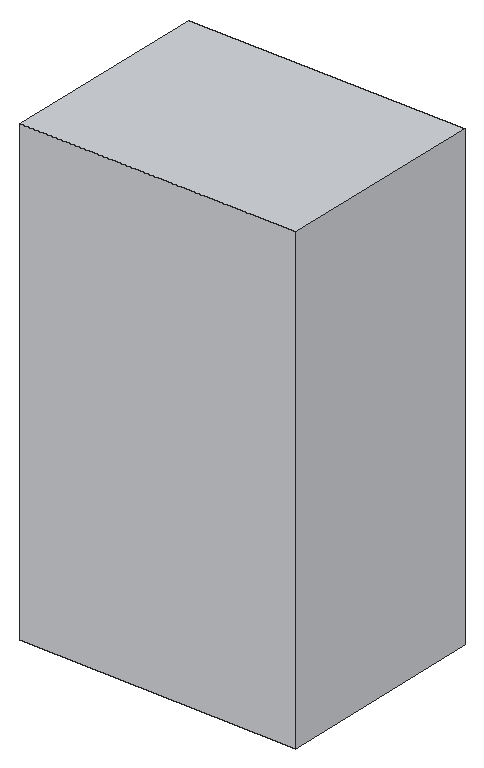
Revit family
Parameters
  Warranty Duration (Years) = 0
  Unit Width [instance] = 1' - 8 177/256"
  Unit Height [instance] = 0' - 9 99/256"
  Unit Depth = 0' - 0"
  URL = "http://www.americanspecialties.com/viewCategories.cfm"
  Trim Material = Metal - Stainless Steel
  Test Data = ""
  Specification = "http://www.arcat.com/sdspecs/htm/10810asi.htm"
  SpecWizard = ""
  Send Message = "http://www.arcat.com/users.pl?action=UserEmail&company=American%20Specialties,%20Inc.&coid=30448&rep=139&fax=914-476-0688&mf="
  Sales Information = "http://www.americanspecialties.com/contact"
  Revision = "R1_10-2010"
  Product Properties = "http://www.americanspecialties.com/datasheets/1211.pdf"
  Product Data = "http://www.arcat.com/arcatcos/cos30/arc30448.html"
  Model = "As Specified in 10 28 13"
  Manufacturer Website = "http://www.americanspecialties.com/viewCategories.cfm"
  Manufacturer Phone - Toll Free = ""
  Manufacturer Phone = "914-476-9000 "
  Manufacturer Fax = "914-476-0688"
  Manufacturer Address = "441 Saw Mill River Rd., Yonkers, NY 10701"
  Manufacturer = "American Specialties, Inc."
  Maintenance Schedule (Months) = 0
  Keynote = "10 28 13"
  Installation-Fabrication = "http://www.americanspecialties.com/products.cfm"
  Green Building-LEED = ""
  Expected Lifespan (Years) = 0
  Drawn By = "Robert S. Weygant. CSI, CDT, SCIP"  # constant formula
  Description = "Toilet Accessory as Specified in 10 28 13"
  Default Elevation = 4' - 0"
  Copyright = "©Arcat Inc."
  Construction Details = "http://www.arcat.com/green/clients/leed_data_30448.html"
  Building Codes = "http://www.americanspecialties.com/products.cfm"
  Bolt Length = 0' - 3"
  Body Material = Metal - Stainless Steel
  Assembly Code = "C1030210"
Reference planes (in)
  plane 1 "Center (Front/Back)": y = -0.29112
  plane 2 "Floor Line": z = 0
  plane 3 "Center (Left/Right)": x = -0.65843
Forms (in)
  Extrusion 1, solid
    sketch origin (-3, -9, -6) x (0, 0, -1) y (1, 0, 0)
      loop
        line (-82, 26) -> (-82, -19.34712) -> (-6, -19.34712) -> (-6, 26) -> (-82, 26)
    from 9 to -25.60721
  Extrusion 2, solid, material "Metal - Stainless Steel" <- "Body Material"
    sketch origin (0, 0, 0) x (1, 0, 0) y (0, 1, 0)
      loop
        arc (-2.15843, 2.20888) -> (-2.45921, 1.9081) -> (-2.15843, 1.60732) r 0.30078
        line (-2.15843, 1.60732) -> (-0.80882, 1.29574) -> (-0.80882, -1.87797) -> (-2.15843, -2.18955)
        arc (-2.15843, -2.18955) -> (-2.45921, -2.49034) -> (-2.15843, -2.79112) r 0.30078
        line (-2.15843, -2.79112) -> (0.84157, -2.79112)
        arc (0.84157, -2.79112) -> (1.14235, -2.49034) -> (0.84157, -2.18955) r 0.30078
        line (0.84157, -2.18955) -> (-0.50804, -1.87797) -> (-0.50804, 1.29574) -> (0.84157, 1.60732)
        arc (0.84157, 1.60732) -> (1.14235, 1.9081) -> (0.84157, 2.20888) r 0.30078
        line (0.84157, 2.20888) -> (-2.15843, 2.20888)
      loop
        circle (-1.65843, 1.95888) r 0.14187
      loop
        circle (0.34157, 1.95888) r 0.14187
      loop
        circle (-1.65843, -2.54112) r 0.14187
      loop
        circle (0.34157, -2.54112) r 0.14187
    from 0 to 0.09375
  Extrusion 3, solid, material "Metal - Stainless Steel" <- "Body Material"
    sketch origin (-0.65843, 0, 0) x (0, 1, 0) y (0, 0, 1)
      loop
        arc (1.11229, 0.09375) -> (-0.26271, 1.18392) -> (-1.63771, 0.09375) r 1.41221
        line (-1.63771, 0.09375) -> (-1.87797, 0.09375) -> (-1.87797, 0) -> (1.29574, 0) -> (1.29574, 0.09375) -> (1.11229, 0.09375)
    from 0.15039 to 0.27238
  Extrusion 4, solid, material "Metal - Stainless Steel" <- "Body Material"
    sketch origin (-0.65843, 0, 0) x (0, 1, 0) y (0, 0, -1)
      loop
        line (1.11229, -0.09375) -> (1.29574, -0.09375) -> (1.29574, 0) -> (-1.87797, 0) -> (-1.87797, -0.09375) -> (-1.63771, -0.09375)
        arc (-1.63771, -0.09375) -> (-0.26271, -1.18392) -> (1.11229, -0.09375) r 1.41221
    from 0.15039 to 0.27238
  Extrusion 5, solid, material "Metal - Stainless Steel" <- "Trim Material"
    sketch origin (-0.65843, -0.51283, 0) x (0, -1, 0) y (0, 0, 1)
      loop
        arc (-0.03238, 1.16501) -> (0.22178, 1.91501) -> (-0.03238, 2.66501) r 1.23367
        arc (-0.03238, 2.66501) -> (-0.28554, 2.81177) -> (-0.43181, 2.55832) r 0.20671
        arc (-0.43181, 2.55832) -> (-0.29358, 1.77513) -> (-0.72408, 1.10643) r 1.09025
        arc (-0.72408, 1.10643) -> (-0.32161, 0.46715) -> (-0.03238, 1.16501) r 0.42526
    from -0.15039 to 0.15039
  Extrusion 6, solid, material "Metal - Stainless Steel" <- "Trim Material"
    sketch origin (-0.65843, 0, 0) x (0, 1, 0) y (0, 0, 1)
      loop
        circle (-0.29112, 0.83198) r 0.09949
    from -0.30423 to -0.27238
  Extrusion 7, solid, material "Metal - Stainless Steel" <- "Trim Material"
    sketch origin (-0.65843, 0, 0) x (0, 1, 0) y (0, 0, -1)
      loop
        circle (-0.29112, -0.83198) r 0.09949
    from -0.30423 to -0.27238
  Extrusion 8, solid, material "Metal - Stainless Steel" <- "Trim Material"
    sketch origin (0, 0, 0) x (1, 0, 0) y (0, 1, 0)
      loop
        circle (-1.65843, 1.95888) r 0.14187
      loop
        circle (0.34157, 1.95888) r 0.14187
      loop
        circle (0.34157, -2.54112) r 0.14187
      loop
        circle (-1.65843, -2.54112) r 0.14187
    from 0.09375 to 0
  Extrusion 9, solid, material "Metal - Stainless Steel" <- "Trim Material"
    sketch origin (0, 0, 0) x (1, 0, 0) y (0, 1, 0)
      loop
        circle (-1.65843, 1.95888) r 0.0625
      loop
        circle (0.34157, 1.95888) r 0.0625
      loop
        circle (0.34157, -2.54112) r 0.0625
      loop
        circle (-1.65843, -2.54112) r 0.0625
    from 0 to -3
  Extrusion 10, solid, material "Metal - Stainless Steel" <- "Trim Material"
    sketch origin (0, 0, -2.88359) x (1, 0, 0) y (0, 1, 0)
      loop
        circle (-1.65843, 1.95888) r 0.14187
      loop
        circle (0.34157, 1.95888) r 0.14187
      loop
        circle (0.34157, -2.54112) r 0.14187
      loop
        circle (-1.65843, -2.54112) r 0.14187
    from 0.09375 to 0
Dimensions and locks (in)
  "Bolt Length": plane 2 "Floor Line" to Extrusion 9
  Extrusion 9 to Extrusion 10 to Extrusion 10 = 0' - 0.11641" locked, 0' - 0 3/32" locked
  aligned and locked: Extrusion 1 to level
  aligned and locked: Extrusion 2 to Extrusion 5  (x2)
  aligned and locked: Extrusion 6 to Extrusion 4
  aligned and locked: Extrusion 7 to Extrusion 3
  aligned and locked: Extrusion 3 to Extrusion 7
  aligned and locked: Extrusion 2 to Extrusion 8
  aligned and locked: Extrusion 8 to level
  aligned and locked: plane 2 "Floor Line" to Extrusion 9
Automatic sketch dimensions
  Extrusion 1 sketch curve to Extrusion 1 sketch curve = 6' - 4"
  Extrusion 1 sketch curve to Extrusion 1 sketch curve = 3' - 9.34712"
  Extrusion 2 sketch curve to plane 3 "Center (Left/Right)" = 0' - 1 1/2"  (x2)
  Extrusion 2 sketch curve to Extrusion 2 sketch curve = 0' - 0 1/2"  (x4)
  Extrusion 2 sketch curve to plane 3 "Center (Left/Right)" = 0' - 0.15039"
  plane 3 "Center (Left/Right)" to Extrusion 2 sketch curve = 0' - 0.15039"
  plane 3 "Center (Left/Right)" to Extrusion 2 sketch curve = 0' - 1"  (x2)
  plane 1 "Center (Front/Back)" to Extrusion 2 sketch curve = 0' - 2 1/2"
  Extrusion 2 sketch curve to Extrusion 2 sketch curve = 0' - 0 1/4"  (x2)
  Extrusion 2 sketch curve to Extrusion 2 sketch curve = 0' - 0 77/256"  (x3)
  Extrusion 2 sketch curve to Extrusion 2 sketch curve = 0' - 0.66314"
  Extrusion 2 sketch curve to Extrusion 2 sketch curve = 0' - 0"  (x2)
  Extrusion 2 sketch curve to plane 1 "Center (Front/Back)" = 0' - 1.58686"
  Extrusion 2 sketch curve to Extrusion 2 sketch curve = 0' - 0.31158"  (x2)
  Extrusion 2 sketch curve to Extrusion 2 sketch curve = 0' - 0 13/256"  (x2)
  Extrusion 3 sketch curve to level = 0' - 0"
  level to Extrusion 3 sketch curve = 0' - 0 3/32"  (x2)
  plane 1 "Center (Front/Back)" to Extrusion 3 sketch curve = 0' - 1.58686"
  Extrusion 3 sketch curve to Extrusion 3 sketch curve = 0' - 0.24026"
  Extrusion 3 sketch curve to plane 1 "Center (Front/Back)" = 0' - 0.02841"
  Extrusion 3 sketch curve to Extrusion 3 sketch curve = 0' - 0.18345"
  Extrusion 3 sketch curve to level = 0' - 0.22829"
  Extrusion 4 sketch curve to level = 0' - 0"
  level to Extrusion 4 sketch curve = 0' - 0 3/32"  (x2)
  plane 1 "Center (Front/Back)" to Extrusion 4 sketch curve = 0' - 1.58686"
  Extrusion 4 sketch curve to Extrusion 4 sketch curve = 0' - 0.24026"
  Extrusion 4 sketch curve to plane 1 "Center (Front/Back)" = 0' - 0.02841"
  Extrusion 4 sketch curve to Extrusion 4 sketch curve = 0' - 0.18345"
  Extrusion 4 sketch curve to level = 0' - 0.22829"
  Extrusion 5 sketch curve to plane 1 "Center (Front/Back)" = 0' - 1.14067"
  Extrusion 5 sketch curve to Extrusion 5 sketch curve = 0' - 0.3505"
  Extrusion 5 sketch curve to plane 1 "Center (Front/Back)" = 0' - 0.50237"
  Extrusion 5 sketch curve to plane 1 "Center (Front/Back)" = 0' - 0.2101"
  Extrusion 5 sketch curve to plane 1 "Center (Front/Back)" = 0' - 0.13579"
  Extrusion 5 sketch curve to plane 1 "Center (Front/Back)" = 0' - 0.01049"
  plane 1 "Center (Front/Back)" to Extrusion 5 sketch curve = 0' - 0.18933"  (x2)
  level to Extrusion 5 sketch curve = 0' - 0.89089"
  Extrusion 5 sketch curve to Extrusion 5 sketch curve = 0' - 0.21554"
  Extrusion 5 sketch curve to Extrusion 5 sketch curve = 0' - 0 207/256"
  Extrusion 5 sketch curve to Extrusion 5 sketch curve = 0' - 0.07528"
  Extrusion 6 sketch curve to plane 1 "Center (Front/Back)" = 0' - 0"
  level to Extrusion 6 sketch curve = 0' - 0.83198"
  Extrusion 7 sketch curve to plane 1 "Center (Front/Back)" = 0' - 0"
  level to Extrusion 7 sketch curve = 0' - 0.83198"
  Extrusion 8 sketch curve to plane 3 "Center (Left/Right)" = 0' - 1"  (x2)
  plane 3 "Center (Left/Right)" to Extrusion 8 sketch curve = 0' - 1"  (x2)
  plane 1 "Center (Front/Back)" to Extrusion 8 sketch curve = 0' - 2 1/4"
  Extrusion 8 sketch curve to Extrusion 8 sketch curve = 0' - 0"  (x2)
  Extrusion 8 sketch curve to plane 1 "Center (Front/Back)" = 0' - 2 1/4"
  Extrusion 9 sketch curve to plane 3 "Center (Left/Right)" = 0' - 1"  (x2)
  plane 3 "Center (Left/Right)" to Extrusion 9 sketch curve = 0' - 1"  (x2)
  plane 1 "Center (Front/Back)" to Extrusion 9 sketch curve = 0' - 2 1/4"
  Extrusion 9 sketch curve to Extrusion 9 sketch curve = 0' - 0"  (x2)
  Extrusion 9 sketch curve to plane 1 "Center (Front/Back)" = 0' - 2 1/4"
  Extrusion 10 sketch curve to plane 3 "Center (Left/Right)" = 0' - 1"  (x2)
  plane 3 "Center (Left/Right)" to Extrusion 10 sketch curve = 0' - 1"  (x2)
  plane 1 "Center (Front/Back)" to Extrusion 10 sketch curve = 0' - 2 1/4"
  Extrusion 10 sketch curve to Extrusion 10 sketch curve = 0' - 0"  (x2)
  Extrusion 10 sketch curve to plane 1 "Center (Front/Back)" = 0' - 2 1/4"
  radius of Extrusion 2 sketch curve = 0' - 0.14187"  (x4)
  radius of Extrusion 6 sketch curve = 0' - 0.09949"
  radius of Extrusion 7 sketch curve = 0' - 0.09949"
  radius of Extrusion 8 sketch curve = 0' - 0.14187"  (x4)
  radius of Extrusion 9 sketch curve = 0' - 0 1/16"  (x4)
  radius of Extrusion 10 sketch curve = 0' - 0.14187"  (x4)
